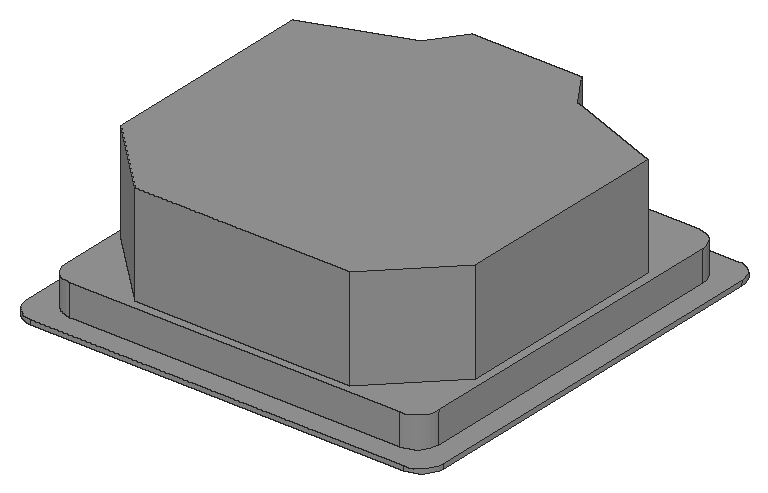
Revit family "Internal block_56_160_CR", category Оборудование, Revit 2021
Family settings
  Размер круглого соединителя = Использовать диаметр
  Классификация = Нет
  Тип детали = Нормальный
  На основе рабочей плоскости = Нет
  Всегда вертикально = Да
  При загрузке вырезать с полостями = Нет
  Общий = Нет
  Точка принадлежности помещению = Нет
Parameters (values of type "BLHV-56-I-CR-AC/1R1A")
  dr = 6.4 mm
  dg = 12.7 mm
  Width = H  # 950 mm
  Weight = 24.00 kg
  Pressure_Static_Air [instance] = 0.0 Pa
  Power = 90 W
  Maximum Air Flow = 0.0 L/s
  Load Classification = "HVAC"
  Length = G  # 950 mm
  I1 = I - 70 mm  # 10 mm
  I = 80 mm
  Height = C + I  # 312 mm
  Отметка по умолчанию = 0 mm
  Изготовитель = "BLAUBERG"  # constant formula
  URL = ""
  Maintenance zone material = none
  H = 950 mm
  Grid Material = Mesh, steel, painted,  white
  G = 950 mm
  Casing Material = Steel, white, mat
  C = 232 mm
  Air Flow [instance] = 0.0 L/s
  09_System_Name [instance] = ""
  00_20_Type = "BLHV-56-I-CR-AC/1R1A"
  00_20_Name = "Internal block"  # constant formula
  00_20_Manufacturer = "BLAUBERG"  # constant formula
Types (10, lengths in mm): name | dr | dg | Power | Height | C | 00_20_Type
  (no name) | 6.4 | 12.7 | 90 W | 312 | 232 | "BLHV-56-I-CR-AC/1R1A"
  BLHV-56-I-CR-AC/1R1A | 6.4 | 12.7 | 90 W | 312 | 232 | "BLHV-56-I-CR-AC/1R1A"
  BLHV-71-I-CR-AC/1R1A | 9.5 | 15.9 | 180 W | 312 | 232 | "BLHV-71-I-CR-AC/1R1A"
  BLHV-80-I-CR-AC/1R1A | 9.5 | 15.9 | 180 W | 312 | 232 | "BLHV-80-I-CR-AC/1R1A"
  BLHV-90-I-CR-AC/1R1A | 9.5 | 15.9 | 180 W | 366 | 286 | "BLHV-90-I-CR-AC/1R1A"
  BLHV-100-I-CR-AC/1R1A | 9.5 | 15.9 | 180 W | 366 | 286 | "BLHV-100-I-CR-AC/1R1A"
  BLHV-112-I-CR-AC/1R1A | 9.5 | 15.9 | 180 W | 366 | 286 | "BLHV-112-I-CR-AC/1R1A"
  BLHV-125-I-CR-AC/1R1A | 9.5 | 15.9 | 180 W | 366 | 286 | "BLHV-125-I-CR-AC/1R1A"
  BLHV-140-I-CR-AC/1R1A | 9.5 | 15.9 | 270 W | 366 | 286 | "BLHV-140-I-CR-AC/1R1A"
  BLHV-160-I-CR-AC/1R1A | 9.5 | 15.9 | 270 W | 366 | 286 | "BLHV-160-I-CR-AC/1R1A"
Reference planes
  plane 1 "По центру (Вперед/Назад)": y = 0
  plane 2: z = 0
  plane 3 "По центру (Влево/Вправо)": x = 0
  plane 4: x = -475
  plane 5: x = 475
  plane 6: y = 475
  plane 7: y = -475
Forms (mm)
  Extrusion 1, solid, material "Steel, white, mat" <- "Casing Material"
    sketch origin (0, 0, 0) x (1, 0, 0) y (0, 1, 0)
      loop
        arc (-425, 475) -> (-460.355, 460.355) -> (-475, 425) r 50
        line (-475, 425) -> (-475, -425)
        arc (-475, -425) -> (-460.355, -460.355) -> (-425, -475) r 50
        line (-425, -475) -> (425, -475)
        arc (425, -475) -> (460.355, -460.355) -> (475, -425) r 50
        line (475, -425) -> (475, 425)
        arc (475, 425) -> (460.355, 460.355) -> (425, 475) r 50
        line (425, 475) -> (-425, 475)
    from -10 to 0
  Extrusion 2, solid, material "Steel, white, mat"
    sketch origin (0, 0, 0) x (1, 0, 0) y (0, 1, 0)
      loop
        line (375, 425) -> (-375, 425)
        arc (-375, 425) -> (-410.355, 410.355) -> (-425, 375) r 50
        line (-425, 375) -> (-425, -375)
        arc (-425, -375) -> (-410.355, -410.355) -> (-375, -425) r 50
        line (-375, -425) -> (375, -425)
        arc (375, -425) -> (410.355, -410.355) -> (425, -375) r 50
        line (425, -375) -> (425, 375)
        arc (425, 375) -> (410.355, 410.355) -> (375, 425) r 50
    from 0 to 70
  Extrusion 3, solid, material "Steel, galvanized"
    sketch origin (0, 0, 0) x (1, 0, 0) y (0, 1, 0)
      loop
        line (-124.917, 405) -> (-179.474, 327.085) -> (-405, 245) -> (-405, -245) -> (-245, -405) -> (245, -405) -> (405, -245) -> (405, 245) -> (179.474, 327.085) -> (124.917, 405) -> (-124.917, 405)
    from 70 to 302
  Extrusion 4, solid, material "Steel, galvanized"
    sketch origin (0, 0, 0) x (1, 0, 0) y (0, 0, 1)
      loop
        circle (-375, 152) r 3.2
      loop
        circle (-325, 152) r 6.35
    from -375 to -221.977
Lines and regions (mm)
  Split face 1
    outline origin (0, 0, -10) x (1, 0, 0) y (0, 1, 0)
      loop
        line (-375, 375) -> (-375, -375) -> (375, -375) -> (375, 375) -> (-375, 375)
Dimensions and locks
  equal spacing: plane 6, plane 1 "По центру (Вперед/Назад)", plane 7
  "H": plane 6 to plane 7
  equal spacing: plane 4, plane 3 "По центру (Влево/Вправо)", plane 5
  "G": plane 4 to plane 5
  "I1": level to Extrusion 1
  locked: plane 4 to Extrusion 2 sketch curve at 50
  locked: Extrusion 2 sketch curve to plane 5 at 50
  locked: plane 6 to Extrusion 2 sketch curve at 50
  locked: plane 7 to Extrusion 2 sketch curve at 50
  "I": Extrusion 1 to Extrusion 2
  locked: plane 6 to Extrusion 3 sketch curve at 70
  locked: Extrusion 3 sketch curve to plane 7 at 70
  locked: Extrusion 3 sketch curve to plane 5 at 70
  locked: plane 4 to Extrusion 3 sketch curve at 70
  "C": Extrusion 3 to Extrusion 2
  "I": Extrusion 1 to Extrusion 3
  locked: Split face 1 sketch curve to plane 5 at 100
  locked: plane 4 to Split face 1 sketch curve at 100
  locked: Split face 1 sketch curve to plane 6 at 100
  locked: Split face 1 sketch curve to plane 7 at 100
  locked: Extrusion 4 sketch curve to Extrusion 3 at 150  (x2)
  locked: Extrusion 4 sketch curve to plane 4 at 150
  locked: Extrusion 4 sketch curve to plane 4 at 100
  locked: Extrusion 3 to nested 1 at 59.5
  "dr": diameter of Extrusion 4 sketch curve
  "dg": diameter of Extrusion 4 sketch curve
  aligned and locked: level to plane 2
  aligned and locked: Extrusion 1 sketch curve to plane 6
  aligned and locked: plane 4 to Extrusion 1 sketch curve
  aligned and locked: plane 7 to Extrusion 1 sketch curve
  aligned and locked: Extrusion 1 sketch curve to plane 5
  aligned and locked: level to Extrusion 1
Automatic sketch dimensions
  Extrusion 1 sketch curve to Extrusion 1 sketch curve = 50 mm  (x2)
  Extrusion 1 sketch curve to plane 5 = 50 mm  (x2)
  Extrusion 2 sketch curve to Extrusion 2 sketch curve = 50 mm  (x4)
  Extrusion 3 sketch curve to Extrusion 3 sketch curve = 160 mm  (x5)
  Extrusion 3 sketch curve to plane 3 "По центру (Влево/Вправо)" = 179.474 mm
  Extrusion 3 sketch curve to Extrusion 3 sketch curve = 54.557 mm  (x2)
  plane 3 "По центру (Влево/Вправо)" to Extrusion 3 sketch curve = 179.474 mm
  Extrusion 3 sketch curve to plane 6 = 230 mm
  Extrusion 3 sketch curve to Extrusion 3 sketch curve = 77.915 mm  (x2)
Nested families
  nested 1: "Electrical box" at (-405, 0, 192.5) x (0, 0, -1) z (-1, 0, 0), type "100x100"
    with Ш1 35 mm, Ш 100 mm
Connectors
  piping at (-375, 375, 152), diameter 6.4, driven by "dr"
    settings: on Extrusion 4, index 1, connector inside diameter 609.6 mm, connector length 0 mm, flow factor 0, pipe flow 0.0 L/s, pressure drop 0.0 Pa, fitting loss kfactor 0, connector angle 0.00°, fixture units 0, engagement length 0 mm, angle of deflection 0.00°, flow configuration 0, flow direction 0, fitting loss method 0, system type 29, joint type 0, gender type 0, connector reference index -1, connector utility 0, adjustable connector no, is connector primary yes, connector description ""
  piping at (-325, 375, 152), diameter 12.7, driven by "dg"
    settings: on Extrusion 4, index 2, connector inside diameter 609.6 mm, connector length 0 mm, flow factor 0, pipe flow 0.0 L/s, pressure drop 0.0 Pa, fitting loss kfactor 0, connector angle 0.00°, fixture units 0, engagement length 0 mm, angle of deflection 0.00°, flow configuration 0, flow direction 0, fitting loss method 0, system type 29, joint type 0, gender type 0, connector reference index -1, connector utility 0, adjustable connector no, is connector primary no, connector description ""
Definition of nested family "Electrical box"
  Parameters (values of type "100x100")
    Ш1 = Ш / 2 - 15 mm  # 60 mm
    Ш = 150 mm
    Default Elevation = 1219.2 mm
    Л = Д / 4  # 25 mm
    Д1 = Д / 2 - 15 mm  # 35 mm
    Д = 100 mm
    h = H / 2  # 25 mm
    Material = none
    H = 50 mm
  Reference planes
    plane 1 "По центру (Вперед/Назад)": y = 0
    plane 2: z = 0
    plane 3 "По центру (Влево/Вправо)": x = 0
  Forms (mm)
    Extrusion 1, solid, material <- "Material"
      sketch origin (0, 0, 0) x (1, 0, 0) y (0, 1, 0)
        loop
          line (-50, 75) -> (-50, -75) -> (50, -75) -> (50, 75) -> (-50, 75)
      from 0 to 50 <- "H"
    Sweep 2, void
      path in 3D
        loop
          line (-50, 75, 50) -> (-50, -75, 50) -> (50, -75, 50) -> (50, 75, 50) -> (-50, 75, 50)
      profile origin (0, 75, 50) x (0, -1, 0) y (0, 0, 1)
        loop
          line (5, 0) -> (0, 0) -> (0, -5)
          arc (0, -5) -> (1.464, -1.464) -> (5, 0) r 5
    Extrusion 3, void
      sketch origin (0, 0, 0) x (0, 1, 0) y (0, 0, 1)
        loop
          circle (0, 25) r 10
      from -50 to -45
    Extrusion 4, void
      sketch origin (0, 0, 0) x (0, 1, 0) y (0, 0, 1)
        loop
          circle (0, 25) r 10
      from 45 to 50
    Extrusion 5, void
      sketch origin (0, 0, 0) x (1, 0, 0) y (0, 0, 1)
        loop
          circle (25, 25) r 10
        loop
          circle (-25, 25) r 10
      from 70 to 75
    Extrusion 6, void
      sketch origin (0, 0, 0) x (1, 0, 0) y (0, 0, 1)
        loop
          circle (25, 25) r 10
        loop
          circle (-25, 25) r 10
      from -75 to -70
  Cuts and joins
    Sweep 2, Extrusion 3, Extrusion 4, Extrusion 5, Extrusion 6 cuts Extrusion 1
  Lines and regions (mm)
    sketch lines
      curve 1: line (50, 75, 50) -> (-50, 75, 50)
      curve 2: line (50, -75, 50) -> (50, 75, 50)
      curve 3: line (-50, -75, 50) -> (50, -75, 50)
      curve 4: line (-50, 75, 50) -> (-50, -75, 50)
  Dimensions and locks
    "Д": Extrusion 1 sketch curve to Extrusion 1 sketch curve
    "Ш": Extrusion 1 sketch curve to Extrusion 1 sketch curve
    equal spacing: Extrusion 1 sketch curve, plane 3 "По центру (Влево/Вправо)", Extrusion 1 sketch curve
    equal spacing: Extrusion 1 sketch curve, plane 1 "По центру (Вперед/Назад)", Extrusion 1 sketch curve
    "Д1": nested 2 to plane 3 "По центру (Влево/Вправо)"
    "Д1": plane 3 "По центру (Влево/Вправо)" to nested 1
    "Д1": nested 4 to plane 3 "По центру (Влево/Вправо)"
    "Д1": plane 3 "По центру (Влево/Вправо)" to nested 3
    "Ш1": nested 3 to plane 1 "По центру (Вперед/Назад)"
    "Ш1": plane 1 "По центру (Вперед/Назад)" to nested 1
    "Ш1": nested 4 to plane 1 "По центру (Вперед/Назад)"
    "Ш1": plane 1 "По центру (Вперед/Назад)" to nested 2
    "h": Extrusion 3 sketch curve to level
    "h": Extrusion 4 sketch curve to level
    "h": level to Extrusion 5 sketch curve  (x2)
    "Л": plane 3 "По центру (Влево/Вправо)" to Extrusion 5 sketch curve
    "Л": Extrusion 5 sketch curve to plane 3 "По центру (Влево/Вправо)"
    "h": level to Extrusion 6 sketch curve  (x2)
    "Л": Extrusion 6 sketch curve to plane 3 "По центру (Влево/Вправо)"
    "Л": plane 3 "По центру (Влево/Вправо)" to Extrusion 6 sketch curve
    "h": level to nested 5
    "h": level to nested 6
    "Л": nested 8 to plane 3 "По центру (Влево/Вправо)"
    "Л": nested 7 to plane 3 "По центру (Влево/Вправо)"
    "Л": plane 3 "По центру (Влево/Вправо)" to nested 9
    "Л": plane 3 "По центру (Влево/Вправо)" to nested 11
    "h": nested 11 to level
    radius of Extrusion 6 sketch curve = 10 mm
    aligned and locked: level to plane 2
    aligned and locked: Extrusion 1 to Extrusion 3
    aligned and locked: Sweep 2 to Extrusion 3
    aligned and locked: Extrusion 1 to Extrusion 4
    aligned and locked: Sweep 2 to Extrusion 4
    aligned and locked: Extrusion 1 to Extrusion 5
    aligned and locked: Sweep 2 to Extrusion 5
    aligned and locked: Extrusion 1 to Extrusion 6
    aligned and locked: Extrusion 6 to Sweep 2
    aligned and locked: plane 1 "По центру (Вперед/Назад)" to nested 5
    aligned and locked: nested 5 to cut or joined group of Extrusion 1, Sweep 2, Extrusion 3, Extrusion 4, Extrusion 5, Extrusion 6
    aligned and locked: nested 6 to plane 1 "По центру (Вперед/Назад)"
    aligned and locked: cut or joined group of Extrusion 1, Sweep 2, Extrusion 3, Extrusion 4, Extrusion 5, Extrusion 6 to nested 6
    aligned and locked: cut or joined group of Extrusion 1, Sweep 2, Extrusion 3, Extrusion 4, Extrusion 5, Extrusion 6 to nested 7
    aligned and locked: nested 8 to cut or joined group of Extrusion 1, Sweep 2, Extrusion 3, Extrusion 4, Extrusion 5, Extrusion 6
    aligned and locked: cut or joined group of Extrusion 1, Sweep 2, Extrusion 3, Extrusion 4, Extrusion 5, Extrusion 6 to nested 9
    aligned and locked: plane 3 "По центру (Влево/Вправо)" to nested 10
  Automatic sketch dimensions
    Sweep 2 sketch curve to profile plane = 0 mm  (x2)
    Sweep 2 sketch curve to profile plane = 5 mm
    Extrusion 3 sketch curve to plane 1 "По центру (Вперед/Назад)" = 0 mm
    Extrusion 4 sketch curve to plane 1 "По центру (Вперед/Назад)" = 0 mm
    radius of Extrusion 3 sketch curve = 10 mm
    radius of Extrusion 4 sketch curve = 10 mm
    radius of Extrusion 5 sketch curve = 10 mm  (x2)
    radius of Extrusion 6 sketch curve = 10 mm
  Nested families
    nested 1: "Винт" at (35, 60, 50), built-in parameter 1001364 <- "H", type "Винт"
    nested 2: "Винт" at (-35, 60, 50), built-in parameter 1001364 <- "H", type "Винт"
    nested 3: "Винт" at (35, -60, 50), built-in parameter 1001364 <- "H", type "Винт"
    nested 4: "Винт" at (-35, -60, 50), built-in parameter 1001364 <- "H", type "Винт"
    nested 5: "Заглушка" at (46, 0, 25) x (0, 0, -1) z (1, 0, 0), built-in parameter 1001360 <- "h", type "Заглушка"
    nested 6: "Заглушка" at (-46, 0, 25) x (0, 0, -1) z (-1, 0, 0), built-in parameter 1001360 <- "h", type "Заглушка"
    nested 7: "Заглушка" at (-25, 71, 25) x (0, 0, -1) z (0, 1, 0), built-in parameter 1001360 <- "h", type "Заглушка"
    nested 8: "Заглушка" at (-25, -71, 25) x (0, 0, -1) z (0, -1, 0), built-in parameter 1001360 <- "h", type "Заглушка"
    nested 9: "Заглушка" at (25, -71, 25) x (0, 0, -1) z (0, -1, 0), built-in parameter 1001360 <- "h", type "Заглушка"
    nested 10: "Электрика" at (0, 3.125, 50), built-in parameter 1001360 <- "H", type "Электрика"
    nested 11: "Штуцер" at (25, 75, 25) x (1, 0, 0) z (0, 1, 0), type "24"
  Definition of nested family "Винт"
    Parameters (values of type "Винт")
      Default Elevation = 0 mm
    Reference planes
      plane 1 "По центру (Вперед/Назад)": y = 0
      plane 2: z = 0
      plane 3 "По центру (Влево/Вправо)": x = 0
    Forms (mm)
      Revolve 1, solid
        sketch origin (0, 0, 0) x (1, 0, 0) y (0, 0, 1)
          loop
            line (0, -20) -> (2.5, -20) -> (2.5, 0) -> (5, 0) -> (5, 0.988)
            arc (5, 0.988) -> (2.589, 1.966) -> (0, 2.235) r 9.254
            line (0, 2.235) -> (0, -20)
          axis (0, 2.235) -> (0, -20)
        angle from 0 to 360
      Extrusion 2, void
        sketch origin (0, -0.137, 0) x (1, 0, 0) y (0, 1, 0)
          loop
            line (-0.439, -5.142) -> (0.455, -5.142) -> (0.455, -0.343) -> (5.265, -0.343) -> (5.265, 0.594) -> (0.455, 0.594) -> (0.455, 5.38) -> (-0.439, 5.38) -> (-0.439, 0.594) -> (-5.291, 0.594) -> (-5.291, -0.343) -> (-0.439, -0.343) -> (-0.439, -5.142)
        from 0.988 to 3.071
    Cuts and joins
      Extrusion 2 cuts Revolve 1
    Dimensions and locks
      aligned and locked: level to plane 2
      aligned and locked: Extrusion 2 to Revolve 1
  Definition of nested family "Заглушка"
    Parameters (values of type "Заглушка")
      Default Elevation = 0 mm
    Reference planes
      plane 1 "По центру (Вперед/Назад)": y = 0
      plane 2: z = 0
      plane 3 "По центру (Влево/Вправо)": x = 0
    Forms (mm)
      Extrusion 1, solid
        sketch origin (0, 0, 0) x (1, 0, 0) y (0, 1, 0)
          loop
            circle (0, 0) r 12
        from 4 to 5
      Extrusion 2, solid
        sketch origin (0, 0, 0) x (1, 0, 0) y (0, 1, 0)
          loop
            circle (0, 0) r 10
        from 5 to 6
      Extrusion 3, solid
        sketch origin (0, 0, 0) x (1, 0, 0) y (0, 1, 0)
          loop
            circle (0, 0) r 8
        from 6 to 7
      Extrusion 4, solid
        sketch origin (0, 0, 0) x (1, 0, 0) y (0, 1, 0)
          loop
            circle (0, 0) r 6
        from 7 to 8
      Extrusion 5, solid
        sketch origin (0, 0, 0) x (1, 0, 0) y (0, 1, 0)
          loop
            circle (0, 0) r 4
        from 8 to 9
      Extrusion 6, solid
        sketch origin (0, 0, 0) x (1, 0, 0) y (0, 1, 0)
          loop
            circle (0, 0) r 2
        from 9 to 10
    Dimensions and locks
      aligned and locked: level to plane 2
  Definition of nested family "Электрика"
    Parameters (values of type "Электрика")
      Default Elevation = 0 mm
    Reference planes
      plane 1 "По центру (Вперед/Назад)": y = 0
      plane 2: z = 0
      plane 3 "По центру (Влево/Вправо)": x = 0
    Forms (mm)
      Extrusion 1, solid
        sketch origin (0, -20.999, 0) x (1, 0, 0) y (0, 1, 0)
          loop
            line (0, 0.664) -> (18.543, 0.664)
            arc (18.543, 0.664) -> (21.349, 1.985) -> (22.119, 4.99) r 3.641
            line (22.119, 4.99) -> (2.806, 38.44)
            arc (2.806, 38.44) -> (0, 39.762) -> (-2.806, 38.44) r 3.641
            line (-2.806, 38.44) -> (-22.119, 4.99)
            arc (-22.119, 4.99) -> (-21.349, 1.985) -> (-18.543, 0.664) r 3.641
            line (-18.543, 0.664) -> (0, 0.664)
          loop
            arc (-20.055, 4.565) -> (-19.717, 3.245) -> (-18.484, 2.664) r 1.6
            line (-18.484, 2.664) -> (18.396, 2.664)
            arc (18.396, 2.664) -> (19.729, 3.379) -> (19.87, 4.885) r 1.6
            line (19.87, 4.885) -> (1.2, 37.223)
            arc (1.2, 37.223) -> (0.104, 37.807) -> (-1.079, 37.432) r 1.6
            line (-1.079, 37.432) -> (-20.055, 4.565)
        from 0 to 1
      Extrusion 2, solid
        sketch origin (0, -20.999, 0) x (1, 0, 0) y (0, 1, 0)
          loop
            line (1.519, 30.846) -> (-2.718, 30.846) -> (-7.387, 14.53) -> (2.226, 19.012) -> (-1.819, 8.947) -> (-2.667, 9.352) -> (-2.823, 5.949) -> (-0.273, 8.208) -> (-1.096, 8.601) -> (5.366, 22.132) -> (-4.385, 17.585) -> (1.519, 30.846)
        from 0 to 1
      Extrusion 3, solid
        sketch origin (0, -20.999, 0) x (1, 0, 0) y (0, 1, 0)
          loop
            line (-1.079, 37.432) -> (-20.055, 4.565)
            arc (-20.055, 4.565) -> (-19.717, 3.245) -> (-18.484, 2.664) r 1.6
            line (-18.484, 2.664) -> (18.396, 2.664)
            arc (18.396, 2.664) -> (19.781, 3.464) -> (19.781, 5.064) r 1.6
            line (19.781, 5.064) -> (1.296, 37.092)
            arc (1.296, 37.092) -> (0.185, 37.798) -> (-1.079, 37.432) r 1.6
        from 0 to 0.9
    Dimensions and locks
      aligned and locked: level to plane 2
  Definition of nested family "Штуцер"
    Parameters (values of type "32")
      Default Elevation = 1219.2 mm
      r1 = r / 1.3333  # 12 mm
      r = 16 mm
      h3 = H / 3.2  # 10 mm
      h1 = H / 1.28  # 25 mm
      h4 = H / 6.4  # 5 mm
      H = 32 mm
      A = 2 * r * tan(30.00°)  # 18.475 mm
    Types (3, lengths in mm): name | r1 | r | h3 | h1 | h4 | H | A
      32 | 12 | 16 | 10 | 25 | 5 | 32 | 18.475
      24 | 9 | 12 | 7.5 | 18.75 | 3.75 | 24 | 13.856
      16 | 6 | 8 | 5 | 12.5 | 2.5 | 16 | 9.238
    Reference planes
      plane 1 "По центру (Вперед/Назад)": y = 0
      plane 2: z = 0
      plane 3 "По центру (Влево/Вправо)": x = 0
    Forms (mm)
      Extrusion 1, solid
        sketch origin (-129.783, 0, -1.583) x (-1, 0, 0) y (0, -1, 0)
          loop
            line (-129.783, -18.475) -> (-113.783, -9.238) -> (-113.783, 9.238) -> (-129.783, 18.475) -> (-145.783, 9.238) -> (-145.783, -9.238) -> (-129.783, -18.475)
        from 1.583 to 6.583
      Extrusion 2, solid
        sketch origin (-129.783, 0, 0) x (-1, 0, 0) y (0, -1, 0)
          loop
            circle (-129.783, 0) r 12
        from 5 to 10
      Extrusion 3, solid
        sketch origin (-129.783, 0, 14.25) x (-1, 0, 0) y (0, -1, 0)
          loop
            line (-129.783, -18.475) -> (-113.783, -9.238) -> (-113.783, 9.238) -> (-129.783, 18.475) -> (-145.783, 9.238) -> (-145.783, -9.238) -> (-129.783, -18.475)
        from -4.25 to 10.75
      Revolve 4, solid
        sketch origin (-129.783, 0, -5.678) x (-1, 0, 0) y (0, 0, -1)
          loop
            line (-117.783, -30.678) -> (-129.783, -30.678) -> (-129.783, -37.678) -> (-118.783, -37.678)
            arc (-118.783, -37.678) -> (-118.076, -37.385) -> (-117.783, -36.678) r 1
            line (-117.783, -36.678) -> (-117.783, -30.678)
          axis (-129.783, -37.678) -> (-129.783, -30.678)
        angle from 0 to 360
    Dimensions and locks
      "A": Extrusion 3 sketch curve to Extrusion 3 sketch curve  (x6)
      equal spacing: Extrusion 3 sketch curve, plane 1 "По центру (Вперед/Назад)", Extrusion 3 sketch curve  (x2)
      "A": Extrusion 3 sketch curve to plane 1 "По центру (Вперед/Назад)" to Extrusion 3 sketch curve
      "A": Extrusion 1 sketch curve to Extrusion 1 sketch curve  (x6)
      "A": Extrusion 1 sketch curve to plane 1 "По центру (Вперед/Назад)" to Extrusion 1 sketch curve
      "r1": plane 3 "По центру (Влево/Вправо)" to Revolve 4 sketch curve
      "H": level to Revolve 4 sketch curve
      "h1": level to Extrusion 3
      "h3": level to Extrusion 3
      "h1": level to Revolve 4 sketch curve
      "h3": level to Extrusion 2
      "h4": level to Extrusion 2
      "h4": level to Extrusion 1
      "r1": radius of Extrusion 2 sketch curve
      aligned and locked: level to plane 2
      aligned and locked: Extrusion 1 to Extrusion 2
      aligned and locked: Extrusion 1 to level
      aligned and locked: Extrusion 3 to Extrusion 2
    Automatic sketch dimensions
      Extrusion 1 sketch curve to plane 3 "По центру (Влево/Вправо)" = 0 mm  (x2)
      plane 1 "По центру (Вперед/Назад)" to Extrusion 2 sketch curve = 0 mm
      Extrusion 2 sketch curve to plane 3 "По центру (Влево/Вправо)" = 0 mm
      Extrusion 3 sketch curve to plane 3 "По центру (Влево/Вправо)" = 0 mm
      Revolve 4 sketch curve to plane 3 "По центру (Влево/Вправо)" = 0 mm  (x2)
      Revolve 4 sketch curve to Revolve 4 sketch curve = 1 mm
      level to Revolve 4 sketch curve = 1.702 mm
      Revolve 4 sketch curve to level = 6.18 mm
